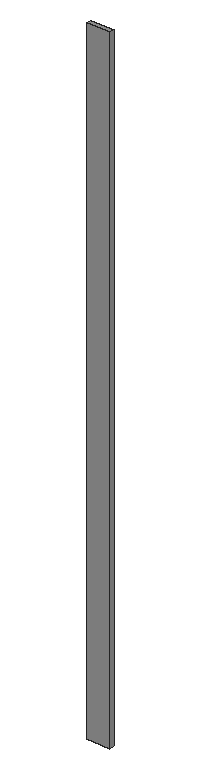
Revit family "Wall-Panel_1X4-VSP-C_Lamboo", category Generic Models, host Wall, Revit 2026
Family settings
  Host = Wall
  Can host rebar = No
  Round Connector Dimension = Use Diameter
  Part Type = Normal
  Always vertical = Yes
  Cut with Voids When Loaded = Yes
  Maintain Annotation Orientation = No
  Shared = No
  Room Calculation Point = No
Parameters (values of type "LAMBOO® ELEMENTS™ - 1X4 VSP-C")
  URL = "https://www.lamboo.us/"
  Type Comments = ""
  Specification = "https://www.arcat.com/company/lamboo-technologies-46687/spec"
  Product Documentation Link = "https://www.arcat.com/arcatcos/cos46/arc46687.html"
  Model = "LAMBOO® ELEMENTS™ - 1X4 VSP-C"
  Manufacturer = "Lamboo® Technologies™"  # constant formula
  Keynote = "07 42 23"
  Height = 96.000"
  Exterior Layer = Carbonized
  Default Elevation = 0.000"
  Copyright = "© 2022 Lamboo® Technologies™"  # constant formula
Reference planes (in)
  plane 1: y = 0
  plane 2 "Center (Left/Right)": x = 0
  plane 3 "Wall Edge": y = 3
  plane 4: x = 0
  plane 5: y = 3.75
  plane 6: z = 96
  plane 7: x = -3.5
  plane 8: x = -1.75
Forms (in)
  Extrusion 1, solid, material "Carbonized" <- "Exterior Layer"
    sketch origin (-48, 5, 0) x (1, 0, 0) y (0, 1, 0)
      loop
        line (44.5, -1.25) -> (44.5, -2) -> (48, -2) -> (48, -1.25) -> (44.5, -1.25)
    from 0 to 96
Text (in)
  text "Placement Side" at (0, 40.15149, 123.01588), in view "Right"
  text "Placement Side" at (-62.36657, 9.048, 0), in view "Ref. Level"
  text "Placement Side" at (0, 81.62555, 140.59947), in view "Left"
Dimensions and locks (in)
  locked: plane 3 "Wall Edge" to host wall
  plane 7 to plane 4 = 3.500"
  "Height": level to plane 6
  equal spacing: plane 7, plane 8, plane 4
  plane 5 to plane 3 "Wall Edge" = 0.750"
  aligned and locked: Extrusion 1 sketch curve to plane 5
  aligned and locked: plane 4 to Extrusion 1 sketch curve
  aligned and locked: plane 6 to Extrusion 1
  aligned and locked: Extrusion 1 to plane 3 "Wall Edge"
  aligned and locked: Extrusion 1 to plane 7
Automatic sketch dimensions
  plane 7 to Extrusion 1 sketch curve = 0.000"
  Extrusion 1 sketch curve to host wall = 0.000"
